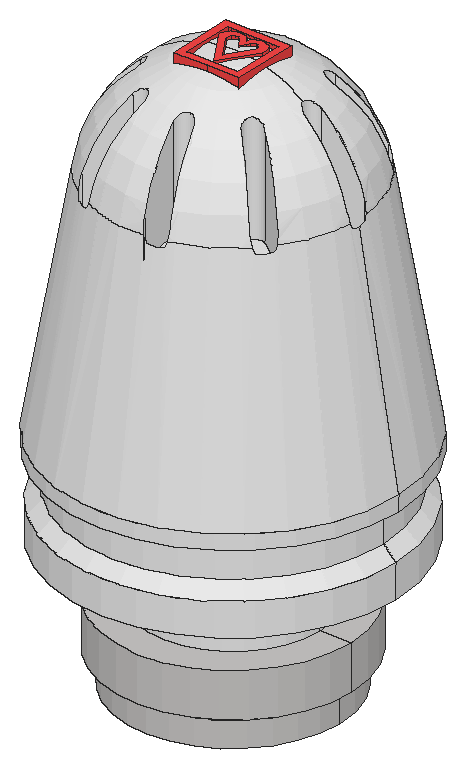
Revit family "HERZ-Mini-Turbo-Design-Thermostatic Sensor M28x1.5 9200 13", category Rohrzubehör, Revit 2020
Family settings
  Bemaßung runder Anschluss = Durchmesser verwenden
  Teiletyp = Normal
  OmniClass-Nummer = 23.65.55.14
  OmniClass-Titel = Valves for Liquid Services
  Arbeitsebenenbasiert = Nein
  Immer vertikal = Nein
  Beim Laden mit Abzugskörper schneiden = Nein
  Gemeinsam genutzt = Nein
Parameters
  Vorgabe-Ansicht = 0 mm
  URL = "www.herzvalves.com"
  Set value range = "0-30°C"  # constant formula
  S02 = 60 mm  # constant formula
  S01 = 73 mm  # constant formula
  Part number = 1920013  # constant formula
  Operation = "The HERZ thermostat serves as a sensing and control element.\r\nThe volumetric change of the liquid filling in the HERZ hydrosensor moves the thrust spindle of the valve"
  Shut off zero position = "When set to \"0\", the thermostatic valve is shut off and the frost protection is disabled."
  Hersteller = "HERZ Armaturen Ges.m.b.H."  # constant formula
  Hand wheel = "plastic, white"  # constant formula
  Frost protection = 6 °C  # constant formula
  Frost protection setpoint range = "6-30°C"  # constant formula
  Frost protection * = "When set to *, the valve automatically opens at approx.\r\n6 ° C ambient temperature and prevents the system from freezing."
  Application = "For mounting on valves that are designed for thermostatic operation"
Reference planes
  plane 1 "Mitte (Vorne/hinten)": y = 0
  plane 2: z = 0
  plane 3 "Mitte (Links/rechts)": x = 0
Forms (mm)
  Revolve 1, solid, material "Kunststoff weiß", detail levels fine
    sketch origin (0, 0, 0) x (1, 0, 0) y (0, 0, 1)
      loop
        line (0, 0) -> (0, 73)
        arc (0, 73) -> (-11.397, 68.78) -> (-17.297, 58.156) r 17.5
        arc (-17.297, 58.156) -> (-20.011, 42.065) -> (-22.88, 26) r 1681.293
        line (-22.88, 26) -> (-22.88, 24) -> (-20.75, 24) -> (-20.75, 19.25) -> (-22.5, 17.5) -> (-22.5, 13) -> (-12.8, 13)
        arc (-12.8, 13) -> (-12.234, 12.766) -> (-12, 12.2) r 0.8
        line (-12, 12.2) -> (-12, 4.8) -> (-13.2, 4.8) -> (-13.2, 0) -> (0, 0)
      axis (0, 73) -> (0, 0)
    angle from 0 to 360
  Revolve 2, solid, material "Messing verzinkt", detail levels fine
    sketch origin (0, 0, 0) x (1, 0, 0) y (0, 0, 1)
      loop
        line (0, 0) -> (0, 5.5) -> (-16.35, 5.5) -> (-16.35, -0.576) -> (-14.75, -1.5) -> (-14.75, -5) -> (-13.35, -5) -> (-13.35, 0) -> (0, 0)
      axis (0, 5.5) -> (0, -5)
    angle from 0 to 360
  Extrusion 3, void
    sketch origin (0, 0, 0) x (1, 0, 0) y (0, 1, 0)
      loop
        arc (11.027, 1.298) -> (9.8, 0) -> (11.027, -1.298) r 1.3
        line (11.027, -1.298) -> (16.77, -1.62)
        arc (16.77, -1.62) -> (17.178, -1.485) -> (17.384, -1.107) r 0.586
        arc (17.384, -1.107) -> (17.453, 0.011) -> (17.382, 1.129) r 9
        arc (17.382, 1.129) -> (17.183, 1.492) -> (16.79, 1.621) r 0.564
        line (16.79, 1.621) -> (11.027, 1.298)
      loop
        line (9.282, 6.094) -> (13.904, 9.55)
        arc (13.904, 9.55) -> (14.121, 9.902) -> (14.04, 10.308) r 0.564
        arc (14.04, 10.308) -> (13.376, 11.21) -> (12.605, 12.023) r 9
        arc (12.605, 12.023) -> (12.205, 12.18) -> (11.805, 12.021) r 0.586
        line (11.805, 12.021) -> (7.613, 8.082)
        arc (7.613, 8.082) -> (7.507, 6.299) -> (9.282, 6.094) r 1.3
      loop
        arc (0.637, 11.085) -> (1.702, 9.651) -> (3.193, 10.634) r 1.3
        line (3.193, 10.634) -> (4.508, 16.234)
        arc (4.508, 16.234) -> (4.445, 16.659) -> (4.109, 16.928) r 0.586
        arc (4.109, 16.928) -> (3.02, 17.189) -> (1.907, 17.313) r 9
        arc (1.907, 17.313) -> (1.515, 17.181) -> (1.319, 16.816) r 0.564
        line (1.319, 16.816) -> (0.637, 11.085)
      loop
        line (-4.39, 10.199) -> (-6.991, 15.351)
        arc (-6.991, 15.351) -> (-7.3, 15.626) -> (-7.713, 15.617) r 0.564
        arc (-7.713, 15.617) -> (-8.717, 15.12) -> (-9.651, 14.501) r 9
        arc (-9.651, 14.501) -> (-9.875, 14.134) -> (-9.788, 13.713) r 0.586
        line (-9.788, 13.713) -> (-6.638, 8.901)
        arc (-6.638, 8.901) -> (-4.9, 8.487) -> (-4.39, 10.199) r 1.3
      loop
        arc (-10.806, 2.552) -> (-9.209, 3.352) -> (-9.918, 4.991) r 1.3
        line (-9.918, 4.991) -> (-15.204, 7.258)
        arc (-15.204, 7.258) -> (-15.634, 7.271) -> (-15.957, 6.986) r 0.586
        arc (-15.957, 6.986) -> (-16.404, 5.959) -> (-16.719, 4.884) r 9
        arc (-16.719, 4.884) -> (-16.657, 4.475) -> (-16.332, 4.219) r 0.564
        line (-16.332, 4.219) -> (-10.806, 2.552)
      loop
        line (-10.806, -2.552) -> (-16.332, -4.219)
        arc (-16.332, -4.219) -> (-16.657, -4.475) -> (-16.719, -4.884) r 0.564
        arc (-16.719, -4.884) -> (-16.404, -5.959) -> (-15.957, -6.986) r 9
        arc (-15.957, -6.986) -> (-15.634, -7.271) -> (-15.204, -7.258) r 0.586
        line (-15.204, -7.258) -> (-9.918, -4.991)
        arc (-9.918, -4.991) -> (-9.209, -3.352) -> (-10.806, -2.552) r 1.3
      loop
        arc (9.282, -6.094) -> (7.507, -6.299) -> (7.613, -8.082) r 1.3
        line (7.613, -8.082) -> (11.805, -12.021)
        arc (11.805, -12.021) -> (12.205, -12.18) -> (12.605, -12.023) r 0.586
        arc (12.605, -12.023) -> (13.376, -11.21) -> (14.04, -10.308) r 9
        arc (14.04, -10.308) -> (14.121, -9.902) -> (13.904, -9.55) r 0.564
        line (13.904, -9.55) -> (9.282, -6.094)
      loop
        line (0.637, -11.085) -> (1.319, -16.816)
        arc (1.319, -16.816) -> (1.515, -17.181) -> (1.907, -17.313) r 0.564
        arc (1.907, -17.313) -> (3.02, -17.189) -> (4.109, -16.928) r 9
        arc (4.109, -16.928) -> (4.445, -16.659) -> (4.508, -16.234) r 0.586
        line (4.508, -16.234) -> (3.193, -10.634)
        arc (3.193, -10.634) -> (1.702, -9.651) -> (0.637, -11.085) r 1.3
      loop
        arc (-4.39, -10.199) -> (-4.9, -8.487) -> (-6.638, -8.901) r 1.3
        line (-6.638, -8.901) -> (-9.788, -13.713)
        arc (-9.788, -13.713) -> (-9.875, -14.134) -> (-9.651, -14.501) r 0.586
        arc (-9.651, -14.501) -> (-8.717, -15.12) -> (-7.713, -15.617) r 9
        arc (-7.713, -15.617) -> (-7.3, -15.626) -> (-6.991, -15.351) r 0.564
        line (-6.991, -15.351) -> (-4.39, -10.199)
    from 55 to 73
Cuts and joins
  Extrusion 3 cuts Revolve 1
Lines and regions (mm)
  model lines, detail levels coarse+medium
    curve 1: line (0, 0, 0) -> (0, 0, 13)
    curve 2: line (0, -0.017, 0) -> (0, 13, 0)
    curve 3: circle (-0.018, 0, 43) r 30 normal (0, -1, 0)
    curve 4: circle (0, 0, 43) r 30 normal (1, 0, 0)
    curve 5: line (0, 0, 23) -> (0, 0, 63)
    curve 6: line (0, 17.5, 63) -> (0, -17.5, 63)
    curve 7: line (-0.018, 0, 23) -> (-0.018, 0, 63)
    curve 8: line (-17.518, 0, 63) -> (17.482, 0, 63)
    curve 9: circle (0, 43, 0) r 30 normal (0, 0, 1)
    curve 10: line (0, 63, 0) -> (0, 23, 0)
    curve 11: line (-17.5, 63, 0) -> (17.5, 63, 0)
Dimensions and locks
  "S01": curve 4 to plane 2
  "S01": curve 3 to plane 2
  "S01": plane 1 "Mitte (Vorne/hinten)" to curve 9
  "S02": diameter of curve 3
  "S02": diameter of curve 4
  "S02": diameter of curve 9
  aligned and locked: level to plane 2
Automatic sketch dimensions
  Revolve 1 sketch curve to level = 0 mm
  Revolve 1 sketch curve to plane 3 "Mitte (Links/rechts)" = 0 mm  (x2)
  Revolve 1 sketch curve to plane 3 "Mitte (Links/rechts)" = 12 mm
  Revolve 1 sketch curve to Revolve 1 sketch curve = 0.8 mm
  Revolve 1 sketch curve to Revolve 1 sketch curve = 1.2 mm
  Revolve 1 sketch curve to Revolve 1 sketch curve = 7.95 mm
  Revolve 1 sketch curve to Revolve 1 sketch curve = 1.75 mm  (x2)
  Revolve 1 sketch curve to Revolve 1 sketch curve = 2.13 mm
  level to Revolve 1 sketch curve = 329.658 mm
  Revolve 1 sketch curve to plane 3 "Mitte (Links/rechts)" = 1676.524 mm
  level to Revolve 1 sketch curve = 4.8 mm
  Revolve 1 sketch curve to Revolve 1 sketch curve = 7.4 mm
  Revolve 1 sketch curve to Revolve 1 sketch curve = 4.5 mm
  Revolve 1 sketch curve to Revolve 1 sketch curve = 4.75 mm
  Revolve 1 sketch curve to Revolve 1 sketch curve = 2 mm
  Revolve 1 sketch curve to Revolve 1 sketch curve = 29.5 mm
  Revolve 1 sketch curve to Revolve 1 sketch curve = 17.5 mm
  Revolve 1 sketch curve to level = 366.045 mm
  Revolve 1 sketch curve to Revolve 1 sketch curve = 2141.315 mm
  Revolve 2 sketch curve to level = 0 mm
  Revolve 2 sketch curve to plane 3 "Mitte (Links/rechts)" = 0 mm  (x2)
  Revolve 2 sketch curve to level = 5 mm
  Revolve 2 sketch curve to plane 3 "Mitte (Links/rechts)" = 13.35 mm
  Revolve 2 sketch curve to Revolve 2 sketch curve = 1.4 mm
  Revolve 2 sketch curve to level = 0.576 mm
  Revolve 2 sketch curve to Revolve 2 sketch curve = 1.6 mm
  Revolve 2 sketch curve to level = 1.5 mm
  level to Revolve 2 sketch curve = 5.5 mm
  Revolve 2 sketch curve to Revolve 2 sketch curve = 361.045 mm
  Revolve 2 sketch curve to Revolve 2 sketch curve = 2208.815 mm
  plane 1 "Mitte (Vorne/hinten)" to Extrusion 3 sketch curve = 0 mm  (x2)
  Extrusion 3 sketch curve to plane 1 "Mitte (Vorne/hinten)" = 4.219 mm
  Extrusion 3 sketch curve to plane 3 "Mitte (Links/rechts)" = 16.332 mm
  plane 1 "Mitte (Vorne/hinten)" to Extrusion 3 sketch curve = 4.219 mm
  Extrusion 3 sketch curve to Extrusion 3 sketch curve = 0 mm  (x11)
  Extrusion 3 sketch curve to Extrusion 3 sketch curve = 0.163 mm  (x2)
  Extrusion 3 sketch curve to Extrusion 3 sketch curve = 0.734 mm  (x2)
  plane 1 "Mitte (Vorne/hinten)" to Extrusion 3 sketch curve = 7.258 mm
  Extrusion 3 sketch curve to Extrusion 3 sketch curve = 0.231 mm  (x2)
  Extrusion 3 sketch curve to plane 1 "Mitte (Vorne/hinten)" = 7.258 mm
  plane 1 "Mitte (Vorne/hinten)" to Extrusion 3 sketch curve = 2.552 mm
  Extrusion 3 sketch curve to Extrusion 3 sketch curve = 5.526 mm
  Extrusion 3 sketch curve to plane 1 "Mitte (Vorne/hinten)" = 2.552 mm
  Extrusion 3 sketch curve to Extrusion 3 sketch curve = 0.375 mm  (x2)
  Extrusion 3 sketch curve to Extrusion 3 sketch curve = 0.512 mm  (x2)
  Extrusion 3 sketch curve to Extrusion 3 sketch curve = 5.416 mm  (x2)
  Extrusion 3 sketch curve to Extrusion 3 sketch curve = 0.49 mm  (x2)
  Extrusion 3 sketch curve to Extrusion 3 sketch curve = 2.488 mm  (x2)
  Extrusion 3 sketch curve to Extrusion 3 sketch curve = 1.803 mm  (x2)
  Extrusion 3 sketch curve to Extrusion 3 sketch curve = 0.504 mm  (x2)
  Extrusion 3 sketch curve to Extrusion 3 sketch curve = 3.281 mm  (x2)
  Extrusion 3 sketch curve to Extrusion 3 sketch curve = 1.088 mm  (x2)
  Extrusion 3 sketch curve to Extrusion 3 sketch curve = 1.16 mm  (x2)
  Extrusion 3 sketch curve to Extrusion 3 sketch curve = 1.324 mm  (x2)
  plane 3 "Mitte (Links/rechts)" to Extrusion 3 sketch curve = 0.637 mm  (x2)
  plane 3 "Mitte (Links/rechts)" to Extrusion 3 sketch curve = 1.319 mm  (x2)
  plane 3 "Mitte (Links/rechts)" to Extrusion 3 sketch curve = 1.468 mm  (x2)
  Extrusion 3 sketch curve to Extrusion 3 sketch curve = 0.561 mm  (x2)
  Extrusion 3 sketch curve to Extrusion 3 sketch curve = 1.291 mm  (x2)
  Extrusion 3 sketch curve to Extrusion 3 sketch curve = 1.266 mm  (x2)
  Extrusion 3 sketch curve to Extrusion 3 sketch curve = 2.058 mm  (x2)
  Extrusion 3 sketch curve to Extrusion 3 sketch curve = 0.57 mm  (x2)
  Extrusion 3 sketch curve to Extrusion 3 sketch curve = 5.007 mm  (x2)
  Extrusion 3 sketch curve to Extrusion 3 sketch curve = 1.138 mm  (x2)
  Extrusion 3 sketch curve to Extrusion 3 sketch curve = 1.978 mm
  Extrusion 3 sketch curve to Extrusion 3 sketch curve = 0.89 mm  (x2)
  Extrusion 3 sketch curve to Extrusion 3 sketch curve = 0.779 mm  (x2)
  plane 1 "Mitte (Vorne/hinten)" to Extrusion 3 sketch curve = 1.298 mm
  Extrusion 3 sketch curve to Extrusion 3 sketch curve = 2.575 mm
  Extrusion 3 sketch curve to Extrusion 3 sketch curve = 0.073 mm
  Extrusion 3 sketch curve to Extrusion 3 sketch curve = 4.192 mm  (x2)
  Extrusion 3 sketch curve to Extrusion 3 sketch curve = 0.401 mm  (x2)
  Extrusion 3 sketch curve to Extrusion 3 sketch curve = 1.36 mm  (x2)
  Extrusion 3 sketch curve to Extrusion 3 sketch curve = 0.338 mm  (x2)
  plane 1 "Mitte (Vorne/hinten)" to Extrusion 3 sketch curve = 1.62 mm
  Extrusion 3 sketch curve to Extrusion 3 sketch curve = 5.743 mm
  Extrusion 3 sketch curve to plane 1 "Mitte (Vorne/hinten)" = 1.621 mm
  Extrusion 3 sketch curve to Extrusion 3 sketch curve = 0.02 mm
  Extrusion 3 sketch curve to Extrusion 3 sketch curve = 0.033 mm
  Extrusion 3 sketch curve to Extrusion 3 sketch curve = 0.032 mm
  plane 1 "Mitte (Vorne/hinten)" to Extrusion 3 sketch curve = 7.32 mm
  Extrusion 3 sketch curve to Extrusion 3 sketch curve = 6.784 mm
  Extrusion 3 sketch curve to Extrusion 3 sketch curve = 1.004 mm
  Extrusion 3 sketch curve to Extrusion 3 sketch curve = 1.581 mm  (x2)
  Extrusion 3 sketch curve to Extrusion 3 sketch curve = 1.468 mm
  Extrusion 3 sketch curve to Extrusion 3 sketch curve = 0.712 mm  (x2)
  Extrusion 3 sketch curve to Extrusion 3 sketch curve = 0.452 mm  (x2)
  Extrusion 3 sketch curve to Extrusion 3 sketch curve = 2.31 mm  (x2)
  Extrusion 3 sketch curve to Extrusion 3 sketch curve = 0.297 mm  (x2)
  Extrusion 3 sketch curve to Extrusion 3 sketch curve = 1.591 mm  (x2)
  Extrusion 3 sketch curve to Extrusion 3 sketch curve = 0.427 mm  (x2)
  Extrusion 3 sketch curve to Extrusion 3 sketch curve = 4.812 mm  (x2)
  Extrusion 3 sketch curve to Extrusion 3 sketch curve = 0.321 mm  (x2)
  Extrusion 3 sketch curve to Extrusion 3 sketch curve = 1.063 mm  (x2)
  Extrusion 3 sketch curve to Extrusion 3 sketch curve = 0.254 mm  (x2)
  Extrusion 3 sketch curve to Extrusion 3 sketch curve = 5.599 mm  (x2)
  Extrusion 3 sketch curve to Extrusion 3 sketch curve = 0.134 mm  (x2)
  Extrusion 3 sketch curve to Extrusion 3 sketch curve = 0.382 mm  (x2)
  Extrusion 3 sketch curve to Extrusion 3 sketch curve = 0.067 mm  (x2)
  Extrusion 3 sketch curve to Extrusion 3 sketch curve = 0.947 mm
  Extrusion 3 sketch curve to Extrusion 3 sketch curve = 0.539 mm  (x2)
  Extrusion 3 sketch curve to Extrusion 3 sketch curve = 1.702 mm
  Extrusion 3 sketch curve to Extrusion 3 sketch curve = 2.439 mm
  Extrusion 3 sketch curve to Extrusion 3 sketch curve = 0.54 mm  (x2)
  Extrusion 3 sketch curve to Extrusion 3 sketch curve = 0.905 mm
  Extrusion 3 sketch curve to Extrusion 3 sketch curve = 0.585 mm
  Extrusion 3 sketch curve to Extrusion 3 sketch curve = 0.564 mm
  Extrusion 3 sketch curve to Extrusion 3 sketch curve = 0.339 mm
  Extrusion 3 sketch curve to Extrusion 3 sketch curve = 1.245 mm
  Extrusion 3 sketch curve to plane 1 "Mitte (Vorne/hinten)" = 5.433 mm
  Extrusion 3 sketch curve to Extrusion 3 sketch curve = 0.661 mm
  Extrusion 3 sketch curve to Extrusion 3 sketch curve = 1.041 mm
  Extrusion 3 sketch curve to Extrusion 3 sketch curve = 4.429 mm
  Extrusion 3 sketch curve to Extrusion 3 sketch curve = 2.891 mm
  Extrusion 3 sketch curve to Extrusion 3 sketch curve = 3.456 mm
  Extrusion 3 sketch curve to plane 1 "Mitte (Vorne/hinten)" = 1.298 mm  (x2)
  curve 5 to plane 1 "Mitte (Vorne/hinten)" = 0 mm
  curve 4 to plane 1 "Mitte (Vorne/hinten)" = 0 mm
  plane 1 "Mitte (Vorne/hinten)" to curve 6 = 17.5 mm
  curve 5 to curve 6 = 17.5 mm
  curve 5 to curve 4 = 20 mm
  curve 4 to curve 6 = 20 mm
  curve 1 to plane 3 "Mitte (Links/rechts)" = 0 mm
  curve 1 to level = 0 mm
  curve 3 to plane 3 "Mitte (Links/rechts)" = 0.018 mm
  curve 7 to plane 3 "Mitte (Links/rechts)" = 0.018 mm
  curve 8 to curve 7 = 17.5 mm
  plane 3 "Mitte (Links/rechts)" to curve 8 = 17.482 mm
  curve 1 to curve 7 = 10 mm
  curve 3 to curve 8 = 20 mm
  curve 9 to plane 3 "Mitte (Links/rechts)" = 0 mm
  curve 10 to plane 3 "Mitte (Links/rechts)" = 0 mm
  curve 2 to plane 3 "Mitte (Links/rechts)" = 0 mm
  curve 11 to curve 10 = 17.5 mm
  plane 3 "Mitte (Links/rechts)" to curve 11 = 17.5 mm
  plane 1 "Mitte (Vorne/hinten)" to curve 2 = 0.017 mm
  curve 2 to curve 10 = 10 mm
  curve 9 to curve 11 = 20 mm
Nested families
  nested 1: "Herz-Logo" at (0, 0, 71.5), type "Herz-Logo", detail levels fine
Definition of nested family "Herz-Logo"
  Parameters (values of type "Herz-Logo")
    Default Elevation = 0 mm
  Reference planes
    plane 1 "Mitte (Vorne/hinten)": y = 0
    plane 2: z = 0
    plane 3 "Mitte (Links/rechts)": x = 0
  Forms (mm)
    Extrusion 1, solid
      sketch origin (0, 0, 0) x (1, 0, 0) y (0, 1, 0)
        loop
          line (-0.018, -4.517) -> (4.482, -4.517) -> (4.482, 4.483) -> (-4.518, 4.483) -> (-4.518, -4.517) -> (-0.018, -4.517)
        loop
          line (-0.05, -3.48) -> (3.482, -3.48) -> (3.482, 3.483) -> (-3.518, 3.483) -> (-3.518, -3.48) -> (-0.05, -3.48)
        loop
          arc (-0.018, 2.383) -> (-1.543, 3.287) -> (-3.067, 2.383) r 1.738
          arc (-3.067, 2.383) -> (-3.191, 1.899) -> (-3.067, 1.415) r 1.009
          line (-3.067, 1.415) -> (-0.018, -3.281) -> (3.032, 1.415)
          arc (3.032, 1.415) -> (3.156, 1.899) -> (3.032, 2.383) r 1.009
          arc (3.032, 2.383) -> (1.507, 3.287) -> (-0.018, 2.383) r 1.738
        loop
          arc (1.885, 1.272) -> (2.005, 1.675) -> (1.885, 2.079) r 0.74
          arc (1.885, 2.079) -> (1.265, 2.416) -> (0.644, 2.079) r 0.74
          line (0.644, 2.079) -> (-0.018, 0.97) -> (-0.679, 2.079)
          arc (-0.679, 2.079) -> (-1.3, 2.416) -> (-1.921, 2.079) r 0.74
          arc (-1.921, 2.079) -> (-2.04, 1.675) -> (-1.921, 1.272) r 0.74
          line (-1.921, 1.272) -> (-0.018, -1.658) -> (1.885, 1.272)
      from 0 to 1.5
  Dimensions and locks
    aligned and locked: level to plane 2
